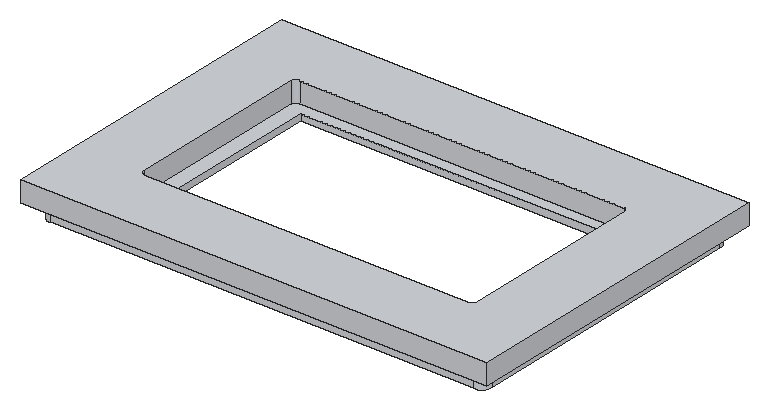
Revit family "Gira_100117", category Electrical Fixtures, host Face, Revit 2017
Family settings
  Host = Face
  Maintain Annotation Orientation = No
  Round Connector Dimension = Use Diameter
  Part Type = Normal
  Cut with Voids When Loaded = No
  Shared = No
  Room Calculation Point = No
Parameters (values of type "Abdeckrahmen 1,5f Gira Esprit Aluminium")
  Werkstoffgüte = "aluminium"
  Werkstoff = "Metall"
  URL = "http://katalog.gira.de/de_DE/datenblatt.html?artikelnr=100117"
  Transparent = "No"
  Textfeld/Beschriftungsfläche = "No"
  Schutzart (IP) = "IP20"
  Region = "DE"
  Oberfläche = "sonstige"
  Name = "Abdeckrahmen 1,5f Gira Esprit Aluminium"
  Montagerichtung = "horizontal und vertikal"
  Mit Montagerahmen = "No"
  Mit Klappdeckel = "No"
  Manufacturer URL = "https://www.gira.de/"
  Keynote = "Espr._Rahmen_1,5fach"
  HeinzeBIM = "https://bimportal.heinze.de/bim/abdeckrahmen-1-5f-gira-esprit-aluminium/96dc10fa6a1b4eac1021268b4484b98feff2b43b"
  Halogenfrei = "Yes"
  HAN = "100117"
  Geeignet für Unterputz-Installation = "Yes"
  Geeignet für Unterflurkanaldose = "No"
  Geeignet für Geräteeinbaukanal = "No"
  Geeignet für Einbauinstallation = "No"
  GTIN = "4010337881513"
  Farbe = "aluminium"
  Default Elevation = 1219.2 mm
  Data sheet (1) = "https://katalog.gira.de/de_DE/download.html?artikelnr=100117"
  Category = "Abdeckrahmen"
  Befestigungsart = "Klemmbefestigung"
  Available = "Yes"
  Anzahl der Einheiten vertikal = "1,5 "
  Anzahl der Einheiten horizontal = "1,5 "
  Anzahl der Einheiten = "1 "
Reference planes
  plane 1 "Center (Front/Back)": y = 0
  plane 2: z = 0
  plane 3 "Center (Left/Right)": x = 0
Forms (mm)
  Extrusion 1, solid, detail levels fine
    sketch origin (0, 0, 0) x (1, 0, 0) y (0, 1, 0)
      loop
        line (-67.75, 47.5) -> (-67.75, -47.5) -> (67.75, -47.5) -> (67.75, 47.5) -> (-67.75, 47.5)
      loop
        arc (-48.5, -26.7) -> (-48.061, -27.761) -> (-47, -28.2) r 1.5
        line (-47, -28.2) -> (47, -28.2)
        arc (47, -28.2) -> (48.061, -27.761) -> (48.5, -26.7) r 1.5
        line (48.5, -26.7) -> (48.5, 26.7)
        arc (48.5, 26.7) -> (48.061, 27.761) -> (47, 28.2) r 1.5
        line (47, 28.2) -> (-47, 28.2)
        arc (-47, 28.2) -> (-48.061, 27.761) -> (-48.5, 26.7) r 1.5
        line (-48.5, 26.7) -> (-48.5, -26.7)
    from 0 to 6
  Extrusion 2, solid, detail levels fine
    sketch origin (0, 0, 0) x (1, 0, 0) y (0, 1, 0)
      loop
        arc (-61.479, 44.4) -> (-63.615, 43.515) -> (-64.5, 41.379) r 3.021
        line (-64.5, 41.379) -> (-64.5, -41.379)
        arc (-64.5, -41.379) -> (-63.615, -43.515) -> (-61.479, -44.4) r 3.021
        line (-61.479, -44.4) -> (61.479, -44.4)
        arc (61.479, -44.4) -> (63.615, -43.515) -> (64.5, -41.379) r 3.021
        line (64.5, -41.379) -> (64.5, 41.379)
        arc (64.5, 41.379) -> (63.615, 43.515) -> (61.479, 44.4) r 3.021
        line (61.479, 44.4) -> (-61.479, 44.4)
      loop
        arc (-61.4, 43.1) -> (-62.673, 42.573) -> (-63.2, 41.3) r 1.8
        line (-63.2, 41.3) -> (-63.2, -41.4)
        arc (-63.2, -41.4) -> (-62.673, -42.673) -> (-61.4, -43.2) r 1.8
        line (-61.4, -43.2) -> (61.4, -43.2)
        arc (61.4, -43.2) -> (62.673, -42.673) -> (63.2, -41.4) r 1.8
        line (63.2, -41.4) -> (63.2, 41.3)
        arc (63.2, 41.3) -> (62.673, 42.573) -> (61.4, 43.1) r 1.8
        line (61.4, 43.1) -> (-61.4, 43.1)
    from -4.1 to 0
  Extrusion 3, solid, detail levels fine
    sketch origin (0, 0, 0) x (1, 0, 0) y (0, 1, 0)
      loop
        arc (-63.2, -41.4) -> (-62.673, -42.673) -> (-61.4, -43.2) r 1.8
        line (-61.4, -43.2) -> (61.4, -43.2)
        arc (61.4, -43.2) -> (62.673, -42.673) -> (63.2, -41.4) r 1.8
        line (63.2, -41.4) -> (63.2, 41.3)
        arc (63.2, 41.3) -> (62.673, 42.573) -> (61.4, 43.1) r 1.8
        line (61.4, 43.1) -> (-61.4, 43.1)
        arc (-61.4, 43.1) -> (-62.673, 42.573) -> (-63.2, 41.3) r 1.8
        line (-63.2, 41.3) -> (-63.2, -41.4)
      loop
        line (44, -24.75) -> (44, 24.75) -> (-44, 24.75) -> (-44, -24.75) -> (44, -24.75)
    from -1.9 to 0
  Extrusion 4, solid, detail levels medium
    sketch origin (0, 0, 0) x (1, 0, 0) y (0, 1, 0)
      loop
        line (-67.75, 47.5) -> (-67.75, -47.5) -> (67.75, -47.5) -> (67.75, 47.5) -> (-67.75, 47.5)
    from 0 to 6
  Extrusion 5, solid, detail levels medium
    sketch origin (0, 0, 0) x (1, 0, 0) y (0, 1, 0)
      loop
        line (-64.5, 44.4) -> (-64.5, -44.4) -> (64.5, -44.4) -> (64.5, 44.4) -> (-64.5, 44.4)
    from -4.1 to 0
  Extrusion 6, solid, detail levels coarse
    sketch origin (0, 0, 0) x (1, 0, 0) y (0, 1, 0)
      loop
        line (-67.75, 47.5) -> (-67.75, -47.5) -> (67.75, -47.5) -> (67.75, 47.5) -> (-67.75, 47.5)
    from -4.1 to 6
Dimensions and locks
  aligned and locked: plane 2 to host face
  aligned and locked: level to host face
